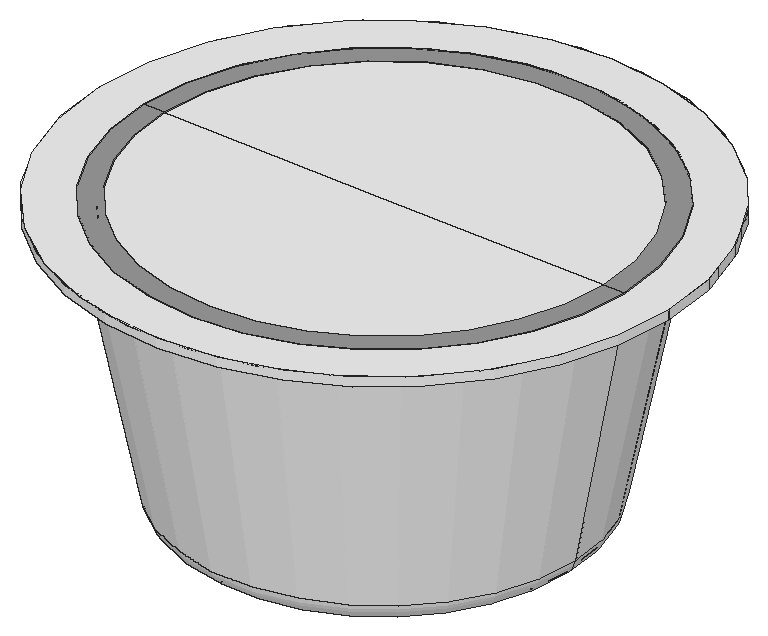
Revit family "2060704", category Lighting Fixtures, host Face, Revit 2018
Family settings
  Host = Face
  Round Connector Dimension = Use Diameter
  Part Type = Normal
  OmniClass Number = 23.80.70.11.17
  OmniClass Title = Specialized Lighting by Location or Use
  Cut with Voids When Loaded = No
  Light Source = Yes
  Shared = No
  Room Calculation Point = No
Parameters (values of type "2060704 ASC100 II ARCH 2675 4K IP65 DALI 160")
  WidthBezelAcc_SYL = 25.0 mm
  Weight = "n/a"
  Wattage = 7 W
  WarrantyStartDate [instance] = "n/a"
  WarrantyGuarantorParts = "n/a"
  WarrantyDurationUnit = "n/a"
  WarrantyDurationParts = ""
  WarrantyDescription = "http://www.sylvania-lighting.com"
  built-in parameter 1150110 = 1 (stored number, unit not read)
  Voltage = 0 V
  VisibilityAccessory_SYL = no
  TypeName = "ASCENT 100 II ARCH 2675 4K IP65 DALI 160"
  built-in parameter 1114217 = 1 (stored number, unit not read)
  Tilt Angle = -90°
  built-in parameter 1150109 = 1 (stored number, unit not read)
  built-in parameter 1150134 = (empty or 0)
  built-in parameter 1150113 = 1 (stored number, unit not read)
  SerialNumber [instance] = "n/a"
  ReflectorRadius_SYL = Radius_SYL - 14.5 mm  # 80.0 mm
  RadiusAcc_SYL = 104.5 mm
  Radius_SYL = 94.5 mm
  URL = "0.95"
  PowerFactor = 0
  PowerConsumption = "Lighting"
  Photometric Web File = "2060704.ies"
  NominalWidth = 0.0 mm
  NominalLength = 209.0 mm
  NominalHeight = 94.0 mm
  Name = "ASCENT 100 II ARCH 2675 4K IP65 DALI 160"
  ModelReference = "ASCENT 100 II ARCH 2675 4K IP65 DALI 160"
  ModelNumber = "2060704"
  Material_4_SYL = none
  Material_3_SYL = Polycarbonate_Sylvania_Ascent_Opal
  Material_2_SYL = Aluminium_Sylvania_Ascent_Silver
  Material_1_SYL = Aluminum_Sylvania_Ascent_White
  Material = "Feilo Sylvania"
  ManufacturerName = "127 lm/W"
  LuminousEfficacy = ""
  built-in parameter 1150105 = 76.872 (stored number, unit not read)
  Lumens = 966 lm
  LuminaireType = "0"
  built-in parameter 1150115 = 1 (stored number, unit not read)
  LightOutputRatio = "LED"
  built-in parameter 1150137 = (empty or 0)
  built-in parameter 1150139 = (empty or 0)
  LampsType = Lamp  # "n/a"
  LampNominalLuminous = "4000 K"
  LampMacAdamStep = "80"
  LampColourTemperature = "LED"
  LampColourRenderingIndex = "16500"
  built-in parameter 1150112 = 1 (stored number, unit not read)
  built-in parameter 1150114 = 1 (stored number, unit not read)
  Keynote = "n/a"
  InstallationDate [instance] = "n/a"
  InputVoltage = "0"
  InputNominalFrequency = "4000"
  built-in parameter 1150132 = (empty or 0)
  built-in parameter 1150102 = (empty or 0)
  built-in parameter 1150107 = 3000 (stored number, unit not read)
  built-in parameter 1150138 = (empty or 0)
  IngressProtection = "IfcLightFixtureType"
  ImpactProtectionIndex = "IfcLightFixtureType"
  built-in parameter 1150106 = 0.76872 (stored number, unit not read)
  IfcExportType = "IfcLightFixtureType"
  IfcExportAs = "Class II"
  HeightAcc_SYL = 7.0 mm
  Height = 96.0 mm
  ExpectedLife = 50000
  EmittionSurface_SYL = if(VisibilityAccessory_SYL, 7.0 mm, 3.0 mm)  # 3.0 mm
  Emit from Circle Diameter = DiffuserRadius_SYL * 2  # 146.0 mm
  Emit Shape Visible in Rendering = no
  ElectricShockClassification = "127"
  built-in parameter 1150104 = 12.821 (stored number, unit not read)
  DurationUnit = "hours"
  DocumentationLiterature = "http://www.sylvania-lighting.com/product/en-int/products/2060704"
  DimmingControlOptions = "n/a"
  Dimming Lamp Color Temperature Shift = <None>
  DiffuserRadius_SYL = ReflectorRadius_SYL - 7.0 mm  # 73.0 mm
  Diameter_SYL = 2 * Radius_SYL  # 189.0 mm
  CutoutDiameter_SYL = Diameter_SYL - 13.0 mm  # 176.0 mm
  CreatedOn = "08/06/2021"
  CreatedBy = "@sylvania-lighting.com"
  Color Filter = 16777215
  built-in parameter 1114216 [instance] = 1 (stored number, unit not read)
  Model = "ASCENT 100 II ARCH 2675 4K IP65 DALI 160"
  Manufacturer = ""
  Lamp = "n/a"
  Description = "Direct LED retro fit for original LED 100 Arch (160) single CFL lamp offering Matching lumen levels and improved light distribution of original LED 100 CFL lamp equivalents Typically half the power consumption compared to CFL Up to 112lm/W 160mm aperture Architectural reflector accepts range of glass accessories from existing LED 100 Arch 160 offering HE, HO and VHO versions equivalent of single 1 x 18W, 1 x 32W, 1 x 42W\r\n Additional VVHO versions which offer the performance circa 2 x 32W equivalent"  # constant formula
  Default Elevation = 0.0 mm
  built-in parameter 1140040 [instance] = 1
  BarCode [instance] = "n/a"
  built-in parameter 1114218 = 1 (stored number, unit not read)
  built-in parameter 1150133 = 10 (stored number, unit not read)
  AssetType = "Fixed"
  AssetIdentifier [instance] = "n/a"
  Assembly Code = "D5020200"
  Apparent Load = 21 VA
  Aperture_SYL = 2 * ReflectorRadius_SYL  # 160.0 mm
Reference planes
  plane 1 "Center (Front/Back)": y = 0
  plane 2: z = 0
  plane 3 "Center (Left/Right)": x = 0
  plane 4 "Fixture Bottom": z = 3
  plane 5: z = -52.5
  plane 6 "Fixture Top": z = -89
  plane 7: x = -104.5
  plane 8: z = 7
  plane 9: x = -79.5
  plane 10: z = 5
  plane 11: x = -102.5
Forms (mm)
  Extrusion 1, solid, material "Aluminum_Sylvania_Ascent_White", detail levels fine
    sketch origin (0, 0, 0) x (1, 0, 0) y (0, 1, 0)
      loop
        circle (0, 0) r 94.5
      loop
        circle (0, 0) r 80
    from 0 to 3
  Extrusion 2, void
    sketch origin (0, 0, 0) x (1, 0, 0) y (0, 1, 0)
      loop
        circle (0, 0) r 88
    from -89 to 3
  Revolve 3, solid, material "Aluminum_Sylvania_Ascent_White" <- "Material_1_SYL", detail levels fine
    sketch origin (0, 0, 0) x (1, 0, 0) y (0, 0, 1)
      loop
        line (0, -89.073) -> (0, -87.023) -> (-55.468, -87.014)
        arc (-55.468, -87.014) -> (-59.352, -85.613) -> (-61.54, -82.139) r 6.307
        line (-61.54, -82.139) -> (-77.991, -2.838) -> (-77.991, 0) -> (-80, 0) -> (-80, -3) -> (-63.5, -82.536)
        arc (-63.5, -82.536) -> (-60.643, -87.203) -> (-55.5, -89.073) r 8.291
        line (-55.5, -89.073) -> (0, -89.073)
      axis (0, 0) -> (0, -89.073)
    angle from 0 to 360
  Revolve 4, solid, material "Aluminium_Sylvania_Ascent_Silver" <- "Material_2_SYL", detail levels fine
    sketch origin (0, 0, 0) x (1, 0, 0) y (0, 0, 1)
      loop
        line (-80, 3) -> (-80, 0) -> (-75, 0)
        arc (-75, 0) -> (-72.349, -26.77) -> (-64.5, -52.5) r 136.5
        line (-64.5, -52.5) -> (-58, -52.5)
        arc (-58, -52.5) -> (-56.857, -61.521) -> (-53.5, -69.971) r 36.166
        line (-53.5, -69.971) -> (0, -69.971) -> (0, -50.5) -> (-63.16, -50.5)
        arc (-63.16, -50.5) -> (-70.517, -25.725) -> (-73, 0) r 134.5
        line (-73, 0) -> (-73, 3) -> (-80, 3)
      axis (0, 3) -> (0, -69.971)
    angle from 0 to 360
  Revolve 5, solid, material "Aluminum_Sylvania_Ascent_White" <- "Material_1_SYL", detail levels medium+fine
    sketch origin (0, 0, 0) x (1, 0, 0) y (0, 0, 1)
      loop
        line (0, -89.073) -> (0, 3) -> (-94.5, 3) -> (-94.5, 0) -> (-79.5, 0) -> (-79.5, -3) -> (-63, -82.536)
        arc (-63, -82.536) -> (-60.143, -87.203) -> (-55, -89.073) r 8.291
        line (-55, -89.073) -> (0, -89.073)
      axis (0, 3) -> (0, -89.073)
    angle from 0 to 360
  Revolve 6, solid, material "Aluminum_Sylvania_Ascent_White" <- "Material_1_SYL", visible <- "VisibilityAccessory_SYL", detail levels medium+fine
    sketch origin (0, 0, 0) x (1, 0, 0) y (0, 0, 1)
      loop
        line (-104.5, 0) -> (-102.5, 0) -> (-102.5, 5) -> (-79.5, 5) -> (-79.5, 7) -> (-104.5, 7) -> (-104.5, 0)
      axis (0, 7) -> (0, 0)
    angle from 0 to 360
  Extrusion 7, solid, detail levels coarse
    sketch origin (0, 0, 0) x (1, 0, 0) y (0, 0, 1)
      loop
        line (104.421, 7) -> (-104.5, 7) -> (-104.5, -89) -> (104.421, -89) -> (104.421, 7)
    from -104.368 to 104.563
Lines and regions (mm)
  reference lines
    curve 1: line (-149.5, 0, 3) -> (125, 0, 3)
Dimensions and locks
  locked: plane 4 "Fixture Bottom" to plane 2 at 3
  "ReflectorRadius_SYL": plane 3 "Center (Left/Right)" to Revolve 4 sketch curve
  locked: Revolve 4 sketch curve to Revolve 4 sketch curve at 15.5
  locked: Revolve 4 sketch curve to Revolve 4 sketch curve at 5
  locked: Revolve 4 sketch curve to Revolve 4 sketch curve at 7
  locked: Revolve 4 sketch curve to Revolve 4 sketch curve at 22
  locked: Revolve 4 sketch curve to Revolve 4 sketch curve at 26.5
  locked: Revolve 3 sketch curve to Revolve 3 sketch curve at 16.5
  locked: Revolve 3 sketch curve to Revolve 3 sketch curve at 24.5
  "ReflectorRadius_SYL": Revolve 3 sketch curve to plane 3 "Center (Left/Right)"
  locked: Revolve 3 sketch curve to plane 6 "Fixture Top" at 6.464
  locked: plane 2 to Revolve 3 sketch curve at 3
  locked: Revolve 3 sketch curve to Revolve 3 sketch curve at 2
  locked: Revolve 3 sketch curve to Revolve 3 sketch curve at 2.009
  locked: plane 2 to plane 5 at 52.5
  locked: Revolve 5 sketch curve to Revolve 5 sketch curve at 31.5
  locked: Revolve 5 sketch curve to Revolve 5 sketch curve at 39.5
  locked: Revolve 5 sketch curve to Revolve 5 sketch curve at 15
  "Radius_SYL": plane 3 "Center (Left/Right)" to Revolve 5 sketch curve
  "RadiusAcc_SYL": plane 3 "Center (Left/Right)" to plane 7
  "HeightAcc_SYL": plane 8 to level
  locked: plane 7 to plane 11 at 2
  locked: plane 8 to plane 10 at 2
  "Height": plane 6 "Fixture Top" to plane 8
  "CutoutDiameter_SYL": diameter of Extrusion 2 sketch curve
  "ReflectorRadius_SYL": radius of Extrusion 1 sketch curve
  "Radius_SYL": radius of Extrusion 1 sketch curve
  aligned and locked: host face to plane 2
  aligned and locked: host face to level
  aligned and locked: plane 4 "Fixture Bottom" to Extrusion 1
  aligned and locked: Extrusion 1 to plane 2
  aligned and locked: Revolve 3 sketch curve to plane 3 "Center (Left/Right)"
  aligned and locked: Revolve 4 sketch curve to plane 3 "Center (Left/Right)"  (x2)
  aligned and locked: plane 4 "Fixture Bottom" to Revolve 4 sketch curve
  aligned and locked: plane 2 to Revolve 3 sketch curve  (x2)
  aligned and locked: Revolve 5 sketch curve to plane 3 "Center (Left/Right)"
  aligned and locked: plane 6 "Fixture Top" to Extrusion 2
  aligned and locked: Revolve 6 sketch curve to plane 3 "Center (Left/Right)"
  aligned and locked: host face to Revolve 6 sketch curve  (x2)
  aligned and locked: Revolve 6 sketch curve to plane 7
  aligned and locked: plane 8 to Revolve 6 sketch curve
  aligned and locked: plane 9 to Revolve 6 sketch curve
  aligned and locked: Revolve 6 sketch curve to plane 10
  aligned and locked: plane 11 to Revolve 6 sketch curve
  aligned and locked: plane 3 "Center (Left/Right)" to imposter light
  aligned and locked: imposter light to plane 1 "Center (Front/Back)"
  aligned and locked: imposter light to curve 1
Automatic sketch dimensions
  plane 1 "Center (Front/Back)" to Extrusion 2 sketch curve = 0.0 mm
  Extrusion 2 sketch curve to plane 3 "Center (Left/Right)" = 0.0 mm
  Extrusion 1 sketch curve to Extrusion 1 sketch curve = 0.0 mm  (x2)
  plane 1 "Center (Front/Back)" to Extrusion 1 sketch curve = 0.0 mm
  Extrusion 1 sketch curve to plane 3 "Center (Left/Right)" = 0.0 mm
  plane 6 "Fixture Top" to Revolve 3 sketch curve = 0.073 mm
  Revolve 3 sketch curve to plane 6 "Fixture Top" = 6.861 mm
  Revolve 3 sketch curve to Revolve 3 sketch curve = 0.003 mm
  Revolve 3 sketch curve to Revolve 3 sketch curve = 0.009 mm  (x2)
  Revolve 3 sketch curve to Revolve 3 sketch curve = 0.023 mm
  Revolve 3 sketch curve to Revolve 3 sketch curve = 0.072 mm
  Revolve 3 sketch curve to Revolve 3 sketch curve = 0.008 mm
  Revolve 3 sketch curve to plane 6 "Fixture Top" = 1.977 mm
  Revolve 3 sketch curve to Revolve 3 sketch curve = 33.496 mm
  Revolve 3 sketch curve to Revolve 3 sketch curve = 0.028 mm
  plane 4 "Fixture Bottom" to Revolve 3 sketch curve = 82.431 mm
  Revolve 4 sketch curve to Revolve 4 sketch curve = 0.0 mm  (x2)
  Revolve 4 sketch curve to plane 5 = 0.0 mm
  Revolve 4 sketch curve to level = 0.0 mm
  plane 5 to Revolve 4 sketch curve = 2.0 mm
  plane 4 "Fixture Bottom" to Revolve 4 sketch curve = 9.642 mm
  Revolve 4 sketch curve to level = 69.971 mm
  Revolve 4 sketch curve to Revolve 4 sketch curve = 2.387 mm
  Revolve 5 sketch curve to level = 0.0 mm
  Revolve 5 sketch curve to plane 3 "Center (Left/Right)" = 0.0 mm
  Revolve 5 sketch curve to Revolve 5 sketch curve = 8.104 mm
  Revolve 5 sketch curve to level = 3.0 mm
  Revolve 5 sketch curve to plane 6 "Fixture Top" = 6.464 mm
  plane 6 "Fixture Top" to Revolve 5 sketch curve = 0.073 mm
  Revolve 5 sketch curve to Revolve 5 sketch curve = 33.496 mm
  plane 4 "Fixture Bottom" to Revolve 5 sketch curve = 82.431 mm
  host sketch curve to host sketch curve = 1704.996 mm
  host sketch curve to host sketch curve = 1500.0 mm
  plane 6 "Fixture Top" to Revolve 6 sketch curve = 281.274 mm
  Revolve 6 sketch curve to plane 8 = 1140.706 mm
  Revolve 3 sketch curve to plane 3 "Center (Left/Right)" = 0.0 mm
  Revolve 5 sketch curve to plane 4 "Fixture Bottom" = 0.0 mm
  plane 7 to curve 1 = 45.0 mm
  plane 3 "Center (Left/Right)" to curve 1 = 125.0 mm
  curve 1 to plane 4 "Fixture Bottom" = 0.0 mm
  plane 7 to Extrusion 7 sketch curve = 0.0 mm
  Extrusion 7 sketch curve to plane 6 "Fixture Top" = 0.0 mm
  Extrusion 7 sketch curve to plane 8 = 0.0 mm
  plane 3 "Center (Left/Right)" to Extrusion 7 sketch curve = 104.421 mm
Connectors
  electrical at (0, 0, -89.073), driven by "Apparent Load"
    settings: on Revolve 3, index 1, voltage 240 V, apparent load 0 VA, apparent load phase1 21 VA, apparent load phase2 0 VA, apparent load phase3 0 VA, power factor 1, load classification "Lighting", number of poles 1, system type 31, power factor state 1, is connector primary yes, connector utility no, sub classification motor no, connector description ""
